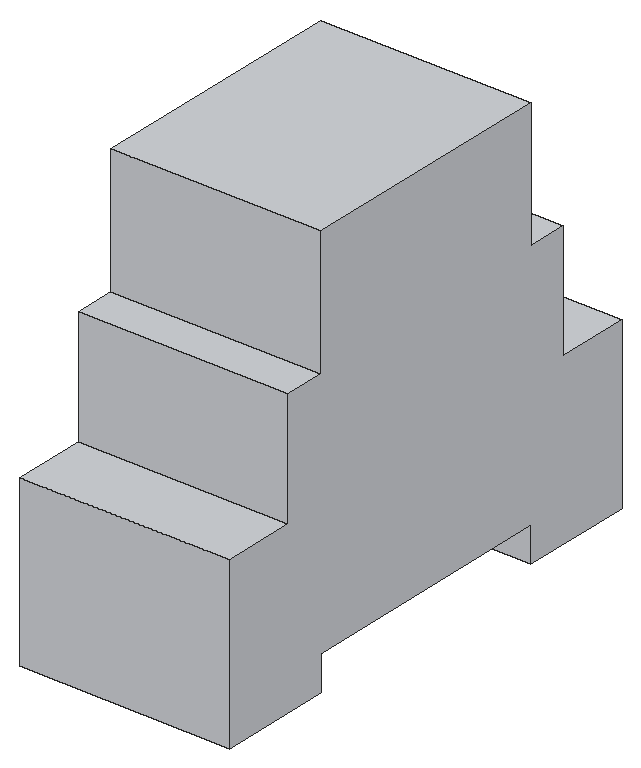
Revit family "Power-ModularDevices-GEWISS-90AM-TRANSFORMER_BELL_2M", category Apparecchi elettrici, host Superficie, Revit 2016
Family settings
  Host = Superficie
  Mantenere orientamento annotazione = Sì
  Tipo di parte = Normale
  Quota connettore circolare = Usa diametro
  Numero OmniClass = 23.80.50.00
  Titolo OmniClass = Terminals for Power Supply
  Taglio con vuoti quando caricato = No
  Condiviso = No
  Punto di calcolo locali = Sì
Parameters (values of type "GW96426 - BELL TRANSFORMER 15VA T.P.230V T.S.24V")
  potenza in watt = 0 V
  carico = Altro
  Version file RFA = "18.0"
  URL = "https://www.gewiss.com/ww/en"
  Technical sheet = "https://www.gewiss.com/ww/en/search?q=GW96426"
  Spostamento_x = -3300 mm
  Secondary voltage = "12+12=24 V"
  SS [instance] = 69.967 mm
  SIMBOLO IN PIANTA [instance] = yes
  SEO = "Transformer"
  Realized by GEWISS S.p.A. = ""
  Rated power: = "15 VA (24 V)/7.5 VA(12 V)"
  Default Elevation = 1219.2 mm
  Produttore = "GEWISS S.p.A."
  Primary voltage = "230V"
  Power = "15VA (24V)/7,5VA(12V)"
  Operation = "Intermittent"
  Numero di poli = 1
  Spost_x_eff [instance] = 4000 mm + Spostamento_x  # 700 mm
  No. of modules EN 50022 = "2"
  No. Chorus modules = "2"
  Modello = "GW96426"
  Immagine tipo = GW96421.jpg
  IFC.TypeObject = ""
  IFC.ExportType = ""
  IFC.ExportAs = ""
  IDT = "cbcd798a-4adf-47fc-b631-f25fc000f612"
  IDF = "813d1fbe-16da-448c-b3ab-d9575e3854d7"
  Electrocod = "140"
  EAN code = "8011564063754"
  Descrizione = "BELL TRANSFORMER 15VA T.P.230V T.S.24V"
  Catalogue Range = "90 AM"
  Catalogue = "POWER"
  COBie.Tagnumber = ""
  COBie.CreatedOn = ""
  COBie.CreatebBy = ""
  COBie.ComponentRegisterItemID = ""
  COBie.Component.TagNumber = ""
  COBie.Component.Space = ""
  COBie.Component.SerialNumber = ""
  COBie.Component.InstallationDate = ""
  COBie.Component.Description = ""
  COBie.Component.BarCode = ""
  Barra_DIN = 0 mm
Types (7, lengths in mm): name | URL | Technical sheet | Secondary voltage | Rated power: | Produttore | Power | Modello | IDT | EAN code | Descrizione
  (no name) | 0 | "" | "" | "" | 0 | "" | 0 | "" | "" | 0
  GW96426 - BELL TRANSFORMER 15VA T.P.230V T.S.24V | "https://www.gewiss.com/ww/en" | "https://www.gewiss.com/ww/en/search?q=GW96426" | "12+12=24 V" | "15 VA (24 V)/7.5 VA(12 V)" | "GEWISS S.p.A." | "15VA (24V)/7,5VA(12V)" | "GW96426" | "cbcd798a-4adf-47fc-b631-f25fc000f612" | "8011564063754" | "BELL TRANSFORMER 15VA T.P.230V T.S.24V"
  GW96425 - BELL TRANSFORMER 15VA T.P.230V T.S.12V | "https://www.gewiss.com/ww/en" | "https://www.gewiss.com/ww/en/search?q=GW96425" | "4+8=12 V" | "15 VA (12 V)/10 VA (8 V)/5 VA (4 V)" | "GEWISS S.p.A." | "15VA (12V)/10VA (8V)/5VA (4V)" | "GW96425" | "e30a79f4-05cf-4cdd-94fe-393f50044a05" | "8011564063747" | "BELL TRANSFORMER 15VA T.P.230V T.S.12V"
  GW96424 - BELL TRANSFORMER 10VA T.P.230V T.S.24V | "https://www.gewiss.com/ww/en" | "https://www.gewiss.com/ww/en/search?q=GW96424" | "12+12=24 V" | "10 VA (24 V)/5 VA (12 V)" | "GEWISS S.p.A." | "10VA (24V)/5VA (12V)" | "GW96424" | "88e6bde6-0458-4df0-8e86-ca5f4aa7b62b" | "8011564063730" | "BELL TRANSFORMER 10VA T.P.230V T.S.24V"
  GW96423 - BELL TRANSFORMER 10VA T.P.230V T.S.12V | "https://www.gewiss.com/ww/en" | "https://www.gewiss.com/ww/en/search?q=GW96423" | "4+8=12 V" | "10 VA (12 V)/6.6 VA (8 V)/3.3 VA (4 V)" | "GEWISS S.p.A." | "10VA (12V)/6,6VA (8V)/3,3VA (4V)" | "GW96423" | "d33c1aff-a657-49b6-921a-0051f3c80994" | "8011564063723" | "BELL TRANSFORMER 10VA T.P.230V T.S.12V"
  GW96422 - BELL TRANSFORMER 5VA T.P.230V T.S.24V | "https://www.gewiss.com/ww/en" | "https://www.gewiss.com/ww/en/search?q=GW96422" | "12+12=24 V" | "6 VA (24 V) 3 VA (12 V)" | "GEWISS S.p.A." | "6VA (24V) 3VA (12V)" | "GW96422" | "e04a2f24-ca58-4605-8ac4-fc002aa8c259" | "8011564063716" | "BELL TRANSFORMER 5VA T.P.230V T.S.24V"
  GW96421 - BELL TRANSFORMER 5VA T.P.230V T.S.12V | "https://www.gewiss.com/ww/en" | "https://www.gewiss.com/ww/en/search?q=GW96421" | "4+8=12 V" | "6 VA (12 V) 4 VA (8 V) 2 VA (4 V)" | "GEWISS S.p.A." | "6VA (12V) 4VA (8V) 2VA (4V)" | "GW96421" | "091d4e59-0d3e-4c7c-b137-27f257431073" | "8011564063709" | "BELL TRANSFORMER 5VA T.P.230V T.S.12V"
Values of the unnamed type that differ from the named types
  Version file RFA = ""
  SEO = ""
  Primary voltage = ""
  Operation = ""
  No. of modules EN 50022 = ""
  No. Chorus modules = ""
  IDF = ""
  Electrocod = ""
  Catalogue Range = ""
  Catalogue = ""
Reference planes
  plane 1 "Centro (Fronte/Retro)": y = 0
  plane 2: z = 0
  plane 3 "Centro (Sinistra/Destra)": x = 0
  plane 4: z = 0
  plane 5: x = -700
  plane 6: x = 0
  plane 7: y = 69.967
Dimensions and locks
  "Barra_DIN": host face to plane 4
  plane 5 to plane 3 "Centro (Sinistra/Destra)" = 700 mm
  "Spost_x_eff": plane 5 to plane 6
  "SS": plane 1 "Centro (Fronte/Retro)" to plane 7
  aligned and locked: plane 2 to host face
  aligned and locked: level to host face
  aligned and locked: plane 6 to nested 1
  aligned and locked: nested 1 to plane 7
  aligned and locked: plane 3 "Centro (Sinistra/Destra)" to nested 2
  aligned and locked: plane 1 "Centro (Fronte/Retro)" to nested 2
Automatic sketch dimensions
  host sketch curve to host sketch curve = 6519.2 mm
  host sketch curve to host sketch curve = 4328.142 mm
Nested families
  nested 1: "INTTRASF" at (0, 69.967, 0), visible <- "SIMBOLO IN PIANTA", type "INTTRASF"
  nested 2: "GENERICO - 90AM TRASFORMATORI X SUONERIE 2M" at (0, 0, 0), type "GENERICO - 90AM TRASFORMATORI X SUONERIE 2M"
Definition of nested family "GENERICO - 90AM TRASFORMATORI X SUONERIE 2M"
  Parameters (values of type "GENERICO - 90AM TRASFORMATORI X SUONERIE 2M")
    h_barra din = if(Altezza barre = 1 mm, 69.9 mm, if(Altezza barre = 2 mm, 115.8 mm, 0 mm))  # 0 mm
    TIPO = 15
    H = if(AB_O = 1, AB_V, if(AB_O = 2, AB_H, 50.8 mm))  # 50.8 mm
    Dist barra din = 0 mm  # constant formula
    C1 = 49 mm  # constant formula
    C = 65 mm  # constant formula
    B = 84 mm  # constant formula
    Altezza barre = 5 mm  # constant formula
    AB_V = 3 mm  # constant formula
    AB_H = 5 mm  # constant formula
    AB_O = 0  # constant formula
    A2 = 12.5 mm  # constant formula
    A = 36 mm  # constant formula
  Reference planes
    plane 1 "Centro (Fronte/Retro)": y = 0
    plane 2: z = 0
    plane 3 "Centro (Sinistra/Destra)": x = 0
    plane 4: y = -42
    plane 5: y = 42
    plane 6: z = 0
    plane 7: z = -6
    plane 8 "top": z = 65
    plane 9 "incasso": z = 43
    plane 10: y = -22.5
    plane 11: y = 22.5
    plane 12: x = -18
    plane 13: x = 18
    plane 14: through (4267.2, -42.5, 9) normal (0, -0.1901, 0.9818)
    plane 15 "retro": z = 23
    plane 16: y = -29.5
    plane 17: y = 29.5
  Forms (mm)
    Extrusion 1, solid
      sketch origin (0, 0, 0) x (0, 1, 0) y (0, 0, 1)
        loop
          line (-22.5, 0) -> (22.5, 0) -> (22.5, -6) -> (42, -6) -> (42, 23) -> (29.5, 23) -> (29.5, 43) -> (22.5, 43) -> (22.5, 65) -> (-22.5, 65) -> (-22.5, 43) -> (-29.5, 43) -> (-29.5, 23) -> (-42, 23) -> (-42, -6) -> (-22.5, -6) -> (-22.5, 0)
      from -18 to 18
  Lines and regions (mm)
    symbolic lines
      curve 1: line (0, 0, 15) -> (0, 0, -6)
      curve 2: line (0, -22.5, 0) -> (0, 22.5, 0)
    model lines, detail levels medium+fine
      curve 3: line (-13.905, -18.396, 65) -> (-13.905, -20.411, 65)
      curve 4: line (-13.905, -20.411, 65) -> (-14.58, -20.411, 65)
      curve 5: line (-14.58, -20.411, 65) -> (-14.972, -20.362, 65)
      curve 6: line (-14.972, -20.362, 65) -> (-15.451, -20.15, 65)
      curve 7: line (-15.451, -20.15, 65) -> (-15.832, -19.797, 65)
      curve 8: line (-15.832, -19.797, 65) -> (-16.084, -19.321, 65)
      curve 9: line (-16.084, -19.321, 65) -> (-16.162, -18.814, 65)
      curve 10: line (-16.162, -18.814, 65) -> (-16.086, -18.346, 65)
      curve 11: line (-16.086, -18.346, 65) -> (-15.884, -17.934, 65)
      curve 12: line (-15.884, -17.934, 65) -> (-15.521, -17.558, 65)
      curve 13: line (-15.521, -17.558, 65) -> (-15.081, -17.33, 65)
      curve 14: line (-15.081, -17.33, 65) -> (-14.587, -17.248, 65)
      curve 15: line (-14.587, -17.248, 65) -> (-13.905, -17.248, 65)
      curve 16: line (-13.905, -17.248, 65) -> (-13.905, -18.117, 65)
      curve 17: line (-13.905, -18.117, 65) -> (-15.052, -18.117, 65)
      curve 18: line (-15.052, -18.117, 65) -> (-15.052, -19.542, 65)
      curve 19: line (-15.052, -19.542, 65) -> (-14.773, -19.542, 65)
      curve 20: line (-14.773, -19.542, 65) -> (-14.773, -18.396, 65)
      curve 21: line (-14.773, -18.396, 65) -> (-13.905, -18.396, 65)
      curve 22: line (-11.176, -20.411, 65) -> (-13.627, -20.411, 65)
      curve 23: line (-13.627, -20.411, 65) -> (-13.627, -17.248, 65)
      curve 24: line (-13.627, -17.248, 65) -> (-12.323, -17.248, 65)
      curve 25: line (-12.323, -17.248, 65) -> (-12.323, -18.117, 65)
      curve 26: line (-12.323, -18.117, 65) -> (-12.758, -18.117, 65)
      curve 27: line (-12.758, -18.117, 65) -> (-12.758, -18.395, 65)
      curve 28: line (-12.758, -18.395, 65) -> (-11.177, -18.395, 65)
      curve 29: line (-11.177, -18.395, 65) -> (-11.177, -19.264, 65)
      curve 30: line (-11.177, -19.264, 65) -> (-12.758, -19.264, 65)
      curve 31: line (-12.758, -19.264, 65) -> (-12.758, -19.542, 65)
      curve 32: line (-12.758, -19.542, 65) -> (-11.176, -19.542, 65)
      curve 33: line (-11.176, -19.542, 65) -> (-11.176, -20.411, 65)
      curve 34: line (-6.745, -20.411, 65) -> (-6.745, -18.395, 65)
      curve 35: line (-6.745, -18.395, 65) -> (-7.614, -18.395, 65)
      curve 36: line (-7.614, -18.395, 65) -> (-7.614, -20.411, 65)
      curve 37: line (-7.614, -20.411, 65) -> (-6.745, -20.411, 65)
      curve 38: line (-9.656, -20.411, 65) -> (-9.395, -19.108, 65)
      curve 39: line (-9.395, -19.108, 65) -> (-9.134, -20.411, 65)
      curve 40: line (-9.134, -20.411, 65) -> (-8.265, -20.411, 65)
      curve 41: line (-8.265, -20.411, 65) -> (-7.727, -18.117, 65)
      curve 42: line (-7.727, -18.117, 65) -> (-6.745, -18.117, 65)
      curve 43: line (-6.745, -18.117, 65) -> (-6.745, -17.248, 65)
      curve 44: line (-6.745, -17.248, 65) -> (-8.413, -17.248, 65)
      curve 45: line (-8.413, -17.248, 65) -> (-8.726, -18.586, 65)
      curve 46: line (-8.726, -18.586, 65) -> (-8.943, -17.248, 65)
      curve 47: line (-8.943, -17.248, 65) -> (-9.847, -17.248, 65)
      curve 48: line (-9.847, -17.248, 65) -> (-10.064, -18.586, 65)
      curve 49: line (-10.064, -18.586, 65) -> (-10.377, -17.248, 65)
      curve 50: line (-10.377, -17.248, 65) -> (-12.045, -17.248, 65)
      curve 51: line (-12.045, -17.248, 65) -> (-12.045, -18.117, 65)
      curve 52: line (-12.045, -18.117, 65) -> (-11.063, -18.117, 65)
      curve 53: line (-11.063, -18.117, 65) -> (-10.526, -20.411, 65)
      curve 54: line (-10.526, -20.411, 65) -> (-9.656, -20.411, 65)
      curve 55: line (-4.016, -17.248, 65) -> (-6.467, -17.248, 65)
      curve 56: line (-6.467, -17.248, 65) -> (-6.467, -19.264, 65)
      curve 57: line (-6.467, -19.264, 65) -> (-4.885, -19.264, 65)
      curve 58: line (-4.885, -19.264, 65) -> (-4.885, -19.542, 65)
      curve 59: line (-4.885, -19.542, 65) -> (-6.467, -19.542, 65)
      curve 60: line (-6.467, -19.542, 65) -> (-6.467, -20.411, 65)
      curve 61: line (-6.467, -20.411, 65) -> (-4.016, -20.411, 65)
      curve 62: line (-4.016, -20.411, 65) -> (-4.016, -18.395, 65)
      curve 63: line (-4.016, -18.395, 65) -> (-5.598, -18.395, 65)
      curve 64: line (-5.598, -18.395, 65) -> (-5.598, -18.117, 65)
      curve 65: line (-5.598, -18.117, 65) -> (-4.016, -18.117, 65)
      curve 66: line (-4.016, -18.117, 65) -> (-4.016, -17.248, 65)
      curve 67: line (-3.738, -17.248, 65) -> (-3.738, -19.264, 65)
      curve 68: line (-3.738, -19.264, 65) -> (-2.263, -19.264, 65)
      curve 69: line (-2.263, -19.264, 65) -> (-2.263, -19.542, 65)
      curve 70: line (-2.263, -19.542, 65) -> (-3.738, -19.542, 65)
      curve 71: line (-3.738, -19.542, 65) -> (-3.738, -20.411, 65)
      curve 72: line (-3.738, -20.411, 65) -> (-2.869, -20.411, 65)
      curve 73: line (-2.869, -20.411, 65) -> (-2.367, -20.25, 65)
      curve 74: line (-2.367, -20.25, 65) -> (-2.044, -20.039, 65)
      curve 75: line (-2.044, -20.039, 65) -> (-1.673, -19.584, 65)
      curve 76: line (-1.673, -19.584, 65) -> (-1.5, -19.074, 65)
      curve 77: line (-1.5, -19.074, 65) -> (-1.495, -18.621, 65)
      curve 78: line (-1.495, -18.621, 65) -> (-1.542, -18.395, 65)
      curve 79: line (-1.542, -18.395, 65) -> (-2.869, -18.395, 65)
      curve 80: line (-2.869, -18.395, 65) -> (-2.869, -18.117, 65)
      curve 81: line (-2.869, -18.117, 65) -> (-1.661, -18.117, 65)
      curve 82: line (-1.661, -18.117, 65) -> (-1.818, -17.855, 65)
      curve 83: line (-1.818, -17.855, 65) -> (-2.044, -17.62, 65)
      curve 84: line (-2.044, -17.62, 65) -> (-2.358, -17.414, 65)
      curve 85: line (-2.358, -17.414, 65) -> (-2.687, -17.294, 65)
      curve 86: line (-2.687, -17.294, 65) -> (-3.056, -17.248, 65)
      curve 87: line (-3.056, -17.248, 65) -> (-3.738, -17.248, 65)
      curve 88: circle (-14.132, -35.192, 23) r 2.5 normal (0, 0, 1)
      curve 89: circle (-5.622, -35.192, 23) r 2.5 normal (0, 0, 1)
      curve 90: circle (3.368, -35.192, 23) r 2.5 normal (0, 0, 1)
      curve 91: circle (11.878, -35.192, 23) r 2.5 normal (0, 0, 1)
      curve 92: circle (-14.132, 35.774, 23) r 2.5 normal (0, 0, 1)
      curve 93: circle (-5.622, 35.774, 23) r 2.5 normal (0, 0, 1)
      curve 94: circle (3.368, 35.774, 23) r 2.5 normal (0, 0, 1)
      curve 95: circle (11.878, 35.774, 23) r 2.5 normal (0, 0, 1)
  Text (mm)
    text "AB_V" at (0, 50.868, 44.72), in view "Destra"
    text "AB_O" at (0, -80.659, 111.963), in view "Destra"
  Dimensions and locks
    equal spacing: plane 4, plane 1 "Centro (Fronte/Retro)", plane 5
    "B": plane 4 to plane 5
    "Dist barra din": plane 6 to level
    locked: plane 6 to plane 7 at 6
    "C": plane 8 "top" to plane 6
    equal spacing: plane 10, plane 1 "Centro (Fronte/Retro)", plane 11
    plane 10 to plane 11 = 45 mm
    equal spacing: plane 12, plane 3 "Centro (Sinistra/Destra)", plane 13
    "A": plane 12 to plane 13
    "C1": plane 9 "incasso" to plane 7
    "A2": plane 4 to plane 16
    "A2": plane 17 to plane 5
    angle level to plane 14 = 10.9557°
    angle plane 4 to plane 8 "top" = 90.00°
    aligned and locked: level to plane 2
    aligned and locked: Extrusion 1 sketch curve to plane 6
    aligned and locked: Extrusion 1 sketch curve to plane 7
    aligned and locked: Extrusion 1 sketch curve to plane 4
    aligned and locked: Extrusion 1 sketch curve to plane 11  (x2)
    aligned and locked: Extrusion 1 sketch curve to plane 10
    aligned and locked: plane 1 "Centro (Fronte/Retro)" to curve 1
    aligned and locked: Extrusion 1 to plane 6
    aligned and locked: Extrusion 1 to plane 12
    aligned and locked: plane 13 to Extrusion 1
    aligned and locked: plane 10 to Extrusion 1 sketch curve
    aligned and locked: Extrusion 1 sketch curve to plane 9 "incasso"
    aligned and locked: plane 9 "incasso" to Extrusion 1 sketch curve
    aligned and locked: Extrusion 1 sketch curve to plane 5
    aligned and locked: Extrusion 1 sketch curve to plane 16
    aligned and locked: Extrusion 1 sketch curve to plane 17
    aligned and locked: Extrusion 1 sketch curve to plane 15 "retro"
    aligned and locked: plane 15 "retro" to Extrusion 1 sketch curve
  Automatic sketch dimensions
    Extrusion 1 sketch curve to plane 7 = 0 mm
    Extrusion 1 sketch curve to plane 8 "top" = 0 mm
    curve 2 to level = 0 mm
    curve 2 to plane 10 = 0 mm
    curve 2 to plane 11 = 0 mm
    curve 1 to plane 7 = 0 mm
    plane 15 "retro" to curve 1 = 8 mm
    plane 10 to curve 87 = 5.252 mm
    curve 55 to curve 67 = 0 mm
    curve 46 to curve 55 = 0 mm
    curve 46 to curve 45 = 0 mm
    curve 25 to curve 47 = 0 mm
    curve 24 to curve 51 = 0 mm
    curve 16 to curve 23 = 0 mm
    curve 86 to curve 86 = 0.045 mm
    curve 14 to curve 13 = 0.081 mm
    curve 85 to curve 85 = 0.12 mm
    curve 13 to curve 13 = 0.228 mm
    curve 84 to curve 84 = 0.207 mm
    curve 83 to curve 83 = 0.234 mm
    plane 12 to curve 12 = 2.116 mm
    curve 12 to curve 12 = 0.376 mm
    curve 24 to curve 25 = 0.869 mm
    curve 25 to curve 52 = 0 mm
    curve 55 to curve 65 = 0.869 mm
    curve 44 to curve 41 = 0.869 mm
    curve 15 to curve 16 = 0.869 mm
    curve 82 to curve 82 = 0.263 mm
    plane 12 to curve 11 = 1.914 mm
    curve 12 to curve 11 = 0.412 mm
    curve 52 to curve 29 = 0.278 mm
    curve 64 to curve 64 = 0.278 mm
    curve 42 to curve 34 = 0.278 mm
    curve 81 to curve 78 = 0.278 mm
    curve 17 to curve 20 = 0.278 mm
    curve 52 to curve 48 = 0.469 mm
    curve 41 to curve 45 = 0.469 mm
    curve 78 to curve 78 = 0.225 mm
    plane 12 to curve 10 = 1.838 mm
    curve 10 to curve 10 = 0.468 mm
    curve 77 to curve 77 = 0.453 mm
    curve 48 to curve 39 = 0.521 mm
    curve 63 to curve 57 = 0.869 mm
    curve 62 to curve 67 = 0.869 mm
    curve 27 to curve 30 = 0.869 mm
    curve 9 to curve 8 = 0.507 mm
    curve 30 to curve 32 = 0.278 mm
    curve 56 to curve 60 = 0.278 mm
    curve 67 to curve 71 = 0.278 mm
    curve 8 to curve 18 = 0.222 mm
    curve 76 to curve 75 = 0.51 mm
    curve 8 to curve 8 = 0.476 mm
    curve 69 to curve 74 = 0.497 mm
    curve 7 to curve 6 = 0.353 mm
    curve 74 to curve 73 = 0.211 mm
    curve 6 to curve 5 = 0.212 mm
    curve 5 to curve 5 = 0.049 mm
    curve 73 to curve 73 = 0.161 mm
    curve 59 to curve 37 = 0.869 mm
    curve 41 to curve 36 = 0 mm
    curve 61 to curve 71 = 0 mm
    curve 3 to curve 22 = 0 mm
    curve 54 to curve 39 = 0 mm
    curve 9 to curve 9 = 0.078 mm
    curve 8 to curve 7 = 0.252 mm
    curve 11 to curve 13 = 0.363 mm
    curve 7 to curve 6 = 0.381 mm
    curve 12 to curve 13 = 0.439 mm
    curve 12 to curve 17 = 0.468 mm
    curve 6 to curve 5 = 0.479 mm
    curve 17 to curve 21 = 0.279 mm
    curve 13 to curve 14 = 0.494 mm
    curve 5 to curve 5 = 0.392 mm
    curve 4 to curve 3 = 0.675 mm
    curve 14 to curve 16 = 0.682 mm
    curve 3 to curve 23 = 0.278 mm
    curve 3 to curve 28 = 1.147 mm
    curve 27 to curve 31 = 0.001 mm
    curve 26 to curve 25 = 0.435 mm
    curve 25 to curve 52 = 0.278 mm
    curve 51 to curve 29 = 0.869 mm
    curve 29 to curve 32 = 0 mm
    curve 28 to curve 52 = 0.113 mm
    curve 22 to curve 53 = 0.651 mm
    curve 52 to curve 50 = 0.686 mm
    curve 52 to curve 48 = 0.999 mm
    curve 49 to curve 48 = 0.53 mm
    curve 53 to curve 38 = 0.87 mm
    curve 48 to curve 38 = 0.669 mm
    curve 38 to curve 40 = 0.521 mm
    curve 47 to curve 47 = 0.904 mm
    curve 38 to curve 45 = 0.669 mm
    curve 46 to curve 44 = 0.53 mm
    curve 39 to curve 40 = 0.869 mm
    curve 46 to curve 41 = 0.999 mm
    curve 41 to curve 36 = 0.113 mm
    curve 36 to curve 37 = 0.869 mm
    curve 43 to curve 34 = 0 mm
    curve 34 to curve 57 = 0.278 mm
    curve 60 to curve 56 = 0 mm
    curve 34 to curve 63 = 1.147 mm
    curve 63 to curve 59 = 0.713 mm
    curve 64 to curve 66 = 1.581 mm
    curve 58 to curve 61 = 0.869 mm
    curve 61 to curve 70 = 0.278 mm
    curve 68 to curve 70 = 0 mm
    curve 67 to curve 87 = 0.682 mm
    curve 71 to curve 72 = 0.869 mm
    curve 62 to curve 79 = 1.147 mm
    curve 86 to curve 85 = 0.369 mm
    curve 72 to curve 74 = 0.502 mm
    curve 85 to curve 84 = 0.329 mm
    curve 73 to curve 68 = 0.104 mm
    curve 84 to curve 83 = 0.315 mm
    curve 73 to curve 75 = 0.324 mm
    curve 83 to curve 82 = 0.226 mm
    curve 74 to curve 76 = 0.371 mm
    curve 82 to curve 82 = 0.157 mm
    curve 81 to curve 79 = 0.118 mm
    curve 75 to curve 76 = 0.172 mm
    curve 78 to curve 77 = 0.047 mm
    plane 12 to curve 88 = 3.868 mm
    plane 16 to curve 88 = 5.692 mm
    curve 89 to plane 3 "Centro (Sinistra/Destra)" = 5.622 mm
    plane 16 to curve 89 = 5.692 mm
    plane 3 "Centro (Sinistra/Destra)" to curve 90 = 3.368 mm
    plane 16 to curve 90 = 5.692 mm
    curve 91 to plane 13 = 6.122 mm
    plane 16 to curve 91 = 5.692 mm
    curve 95 to plane 13 = 6.122 mm
    curve 95 to plane 5 = 6.226 mm
    plane 3 "Centro (Sinistra/Destra)" to curve 94 = 3.368 mm
    curve 94 to plane 5 = 6.226 mm
    plane 12 to curve 92 = 3.868 mm
    curve 93 to plane 3 "Centro (Sinistra/Destra)" = 5.622 mm
    curve 92 to plane 5 = 6.226 mm
    curve 93 to plane 5 = 6.226 mm
    radius of curve 88 = 2.5 mm
    radius of curve 89 = 2.5 mm
    radius of curve 90 = 2.5 mm
    radius of curve 91 = 2.5 mm
    radius of curve 95 = 2.5 mm
    radius of curve 94 = 2.5 mm
    radius of curve 93 = 2.5 mm
    radius of curve 92 = 2.5 mm
Definition of nested family "INTTRASF"
  Reference planes
    plane 1: y = 0
    plane 2: x = 0
  Lines and regions (mm)
    detail lines, not visible
      curve 1: line (0, 0, 0) -> (-0.001, 3.334, 0)
      curve 2: line (0.277, 3.334, 0) -> (-0.278, 3.334, 0)
      curve 3: line (-0.278, 3.334, 0) -> (-0.001, 4.223, 0)
      curve 4: line (-0.001, 4.223, 0) -> (0.277, 3.334, 0)
      curve 5: line (0.277, 3.334, 0) -> (-0.001, 4.223, 0)
      curve 6: line (-0.001, 4.223, 0) -> (-0.278, 3.334, 0)
      curve 7: line (-0.278, 3.334, 0) -> (0.277, 3.334, 0)
      curve 8: line (0.277, 3.334, 0) -> (-0.001, 4.223, 0)
      curve 9: line (-0.001, 4.223, 0) -> (-0.278, 3.334, 0)
      curve 10: line (-0.445, 4.612, 0) -> (0.444, 4.612, 0)
      curve 11: line (0.444, 4.612, 0) -> (0.444, 2.39, 0)
      curve 12: line (0.444, 2.39, 0) -> (-0.445, 2.389, 0)
      curve 13: line (-0.445, 2.389, 0) -> (-0.445, 4.612, 0)
      curve 14: line (5.101, 5.36, 0) -> (5.101, 6.027, 0)
      curve 15: line (4.934, 5.36, 0) -> (5.268, 5.36, 0)
      curve 16: line (4.545, 5.249, 0) -> (5.101, 4.082, 0)
      curve 17: line (5.101, 4.082, 0) -> (5.101, 1.026, 0)
    detail lines
      curve 18: circle (-0.035, 2.652, 0) r 1.22 normal (0, 0, 1)
      curve 19: circle (-0.035, 4.511, 0) r 1.22 normal (0, 0, 1)
      curve 20: line (0, 6.691, 0) -> (0, 5.576, 0)
      curve 21: line (0, 1.432, 0) -> (0, 0, 0)
